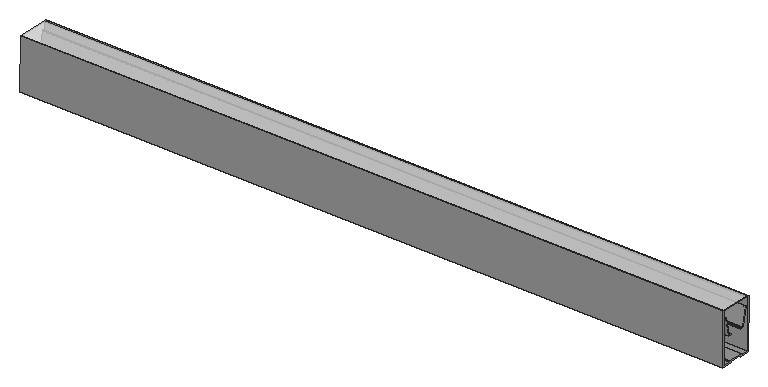
Revit family "2093115 Sylvania Lighting Fixture MC2 1-2M 4K DALI WHT OPAL Surface", category Lighting Fixtures, host Face, Revit 2016
Family settings
  Host = Face
  Part Type = Normal
  Round Connector Dimension = Use Diameter
  OmniClass Number = 23.80.70.11.17
  OmniClass Title = Specialized Lighting by Location or Use
  Cut with Voids When Loaded = No
  Light Source = Yes
  Shared = No
  Room Calculation Point = No
Parameters (values of type "2093115 MC2 1.2M 4K DALI WHT OPAL Surface")
  Width_SYL = 54.0 mm
  Weight = "2.5 kg"
  Wattage = 20.97 W
  WarrantyStartDate [instance] = "n/a"
  WarrantyGuarantorParts = "n/a"
  WarrantyDurationUnit = "n/a"
  WarrantyDurationParts = "n/a"
  WarrantyDescription = "n/a"
  built-in parameter 1150110 = 1 (stored number, unit not read)
  Voltage = 0 V
  URL = "http://www.sylvania-lighting.com"
  TypeName = "MC2 1.2M 4K DALI WHT OPAL Surface"
  built-in parameter 1114217 = 1 (stored number, unit not read)
  Tilt Angle = -90.00°
  built-in parameter 1150109 = 1 (stored number, unit not read)
  built-in parameter 1150134 = 12
  built-in parameter 1150113 = 1 (stored number, unit not read)
  SerialNumber [instance] = "n/a"
  PowerFactor = 0.98
  PowerConsumption = "20.97 W"
  NominalWidth = 0.0 mm
  NominalLength = 1200.0 mm
  NominalHeight = 86.0 mm
  Name = "MC2 1.2M 4K DALI WHT OPAL Surface"
  ModelReference = "MC2 1.2M 4K DALI WHT OPAL Surface"
  ModelNumber = "2093115"
  Material_3_SYL = Metal_Sylvania_Mini Contiuum II_Silver
  Photometric Web File = "2093115.ies"
  Material_4_SYL = Metal_Sylvania_Mini Contiuum II_Silver
  Material = "aluminium housing, polycarbonate diffuser"
  ManufacturerName = "Feilo Sylvania"
  LuminousEfficacy = "112 lm/W"
  LuminaireType = ""
  LightOutputRatio = "100"
  Length_SYL = 1200.0 mm
  LampsType = Lamp  # "LED"
  LampNominalLuminous = "2340 lm"
  LampMacAdamStep = "3"
  LampColourTemperature = "4000 K"
  LampColourRenderingIndex = "80"
  Keynote = "16500"
  InstallationDate [instance] = "n/a"
  InputVoltage = "n/a"
  InputNominalFrequency = "n/a"
  IngressProtection = "IP20"
  ImpactProtectionIndex = "n/a"
  IfcExportType = "IfcLightFixtureType"
  IfcExportAs = "IfcLightFixtureType"
  Height_SYL = 86.0 mm
  ExpectedLife = 50000
  EndCapRight_SYL [instance] = no
  EndCapLeft_SYL [instance] = no
  Emit from Rectangle Width = Width_SYL - 2.0 mm  # 52.0 mm
  Emit from Rectangle Length = Length_SYL  # 1200.0 mm
  Emit Shape Visible in Rendering = no
  ElectricShockClassification = "Class I"
  DurationUnit = "hours"
  DocumentationLiterature = "http://www.sylvania-lighting.com/product/en-int/products/2093115"
  DimmingControlOptions = "n/a"
  CreatedOn = "10/15/2018"
  CreatedBy = "@sylvania-lighting.com"
  built-in parameter 1114216 [instance] = 1 (stored number, unit not read)
  Model = "MC2 1.2M 4K DALI WHT OPAL Surface"
  Manufacturer = "Feilo Sylvania"
  built-in parameter 1150105 = 186.9 (stored number, unit not read)
  Lumens = 2348.64 lm
  built-in parameter 1150115 = 1 (stored number, unit not read)
  built-in parameter 1150137 = (empty or 0)
  built-in parameter 1150139 = (empty or 0)
  built-in parameter 1150112 = 1 (stored number, unit not read)
  built-in parameter 1150114 = 1 (stored number, unit not read)
  Lamp = "LED"
  built-in parameter 1150132 = 2
  built-in parameter 1150102 = (empty or 0)
  built-in parameter 1150107 = 4000 (stored number, unit not read)
  built-in parameter 1150138 = (empty or 0)
  built-in parameter 1150106 = 1.869 (stored number, unit not read)
  Material_1_SYL = Metal_Sylvania_Mini Continuum II_White
  built-in parameter 1150104 = 10.405 (stored number, unit not read)
  Dimming Lamp Color Temperature Shift = <None>
  Material_2_SYL = Polycarbonate_Sylvania_Mini Continuum II_Opal_4000K
  Description = "2093115   MC2 1.2M 4K DALI WHT OPAL  Continuous lines of LED light, white RAL 9016, direct distribution, trimless detail for a seamless finish, suitable for recessed, semi-recessed, surface-mounted or suspended installation either horizontally or vertically, various accessories available, compact and minimalist design based on the Golden Mean, ideal for offices, meeting rooms, corridors, education facilities, museums and libraries, extruded aluminium body, diffuser: opal, colour temperature: 4000K neutral white, total system power: 21W, total fixture output: 2207lm, luminaire efficacy: 105lm/W, LOR: 100%, colour rendering: Ra >80, LED Chromacity: 1 step MacAdam ellipse, lifetime: 60,000 hours at 90% of the original output (L90), energy class: A++, A+, A, IR/UV free light source without heat radiation, operating voltage: 220-240V / 50-60Hz, drive current: 800mA, electronic driver, DALI dimmable, electrical protection: CLASS I, IP20, suitable for internal internal environment only."
  Default Elevation = 0.0 mm
  Color Filter = 16777215
  built-in parameter 1140040 [instance] = 1
  BarCode [instance] = "n/a"
  built-in parameter 1114218 = 1 (stored number, unit not read)
  built-in parameter 1150133 = 10 (stored number, unit not read)
  AssetType = "Fixed"
  AssetIdentifier [instance] = "n/a"
  Assembly Code = "D5020200"
  Apparent Load = 20.97 VA
Reference planes
  plane 1 "Center (Front/Back)": y = 0
  plane 2 "Bottom Fixtures": z = 0
  plane 3 "Center (Left/Right)": x = 0
  plane 4 "Fixture Left": x = -600
  plane 5 "Fixture Right": x = 600
  plane 6 "Fixture Bottom": z = 86
  plane 7: z = 84
  plane 8: z = 82
  plane 9: z = 72.951
  plane 10: z = 42.951
  plane 11 "Fixture Top": z = 0
  plane 12 "Mounting Right": x = 572
  plane 13 "Mounting Left": x = -572
  plane 14: y = 27
  plane 15: y = -27
  plane 16: y = -26
  plane 17: y = -25
  plane 18: y = 26
  plane 19: y = 25
  plane 20: y = 11
  plane 21: y = -11
  plane 22: y = 24
  plane 23: y = 22
  plane 24: y = -22
  plane 25: y = 15
  plane 26: y = -15
  plane 27 "Upper Diffuser Left": x = -450
  plane 28 "Upper Diffuser Right": x = 450
  plane 29: x = -602
  plane 30: x = 602
Forms (mm)
  Extrusion 1, solid, material "Metal_Sylvania_Mini Continuum II_White" <- "Material_1_SYL", detail levels fine
    sketch origin (0, 0, 520) x (0, 1, 0) y (0, 0, 1)
      loop
        line (27, -434) -> (26, -434) -> (26, -436) -> (25, -436) -> (25, -518) -> (13, -518) -> (13, -516) -> (-13, -516) -> (-13, -518) -> (-25, -518) -> (-25, -436) -> (-26, -436) -> (-26, -434) -> (-27, -434) -> (-27, -520) -> (-11, -520) -> (-11, -518) -> (11, -518) -> (11, -520) -> (27, -520) -> (27, -434)
    from -600 to 600
  Extrusion 2, solid, material "Polycarbonate_Sylvania_Mini Continuum II_Opal_4000K" <- "Material_2_SYL", detail levels fine
    sketch origin (0, 0, 520) x (0, 1, 0) y (0, 0, 1)
      loop
        line (-26, -434) -> (-26, -436) -> (26, -436) -> (26, -434) -> (-26, -434)
    from -600 to 600
  Extrusion 3, solid, material "Metal_Sylvania_Mini Contiuum II_Silver" <- "Material_3_SYL", detail levels fine
    sketch origin (0, 0, 520) x (0, 1, 0) y (0, 0, 1)
      loop
        line (22, -447.049) -> (20.973, -447.049) -> (14.206, -476.049) -> (11, -476.049) -> (11, -477.049) -> (15, -477.049) -> (22, -447.049)
      loop
        line (-15, -477.049) -> (-11, -477.049) -> (-11, -476.049) -> (-14.206, -476.049) -> (-20.973, -447.049) -> (-22, -447.049) -> (-15, -477.049)
    from -600 to 600
  Extrusion 4, solid, material "Metal_Sylvania_Mini Continuum II_White" <- "Material_1_SYL", detail levels coarse+medium
    sketch origin (0, 0, 520) x (0, 1, 0) y (0, 0, 1)
      loop
        line (-27, -434) -> (-27, -520) -> (27, -520) -> (27, -434) -> (-27, -434)
    from -600 to 600
  Extrusion 5, solid, material "Metal_Sylvania_Mini Continuum II_White" <- "Material_1_SYL", visible <- "EndCapLeft_SYL"
    sketch origin (-600, 171.684, 1219.2) x (0, 1, 0) y (0, 0, 1)
      loop
        line (-198.684, -1219.2) -> (-144.684, -1219.2) -> (-144.684, -1133.2) -> (-198.684, -1133.2) -> (-198.684, -1219.2)
    from 0 to -2
  Extrusion 6, solid, material "Metal_Sylvania_Mini Continuum II_White" <- "Material_1_SYL", visible <- "EndCapRight_SYL"
    sketch origin (600, 171.684, 1219.2) x (0, 1, 0) y (0, 0, -1)
      loop
        line (-144.684, 1133.2) -> (-144.684, 1219.2) -> (-198.684, 1219.2) -> (-198.684, 1133.2) -> (-144.684, 1133.2)
    from 0 to -2
Lines and regions (mm)
  Masking region 1
    outline origin (0, 0, -86) x (-1, 0, 0) y (0, -1, 0)
      loop
        line (600, -27) -> (600, 27) -> (-600, 27) -> (-600, -27) -> (600, -27)
  symbolic lines, detail levels fine
    curve 1: line (-600, 26, -86) -> (600, 26, -86)
    curve 2: line (-600, -26, -86) -> (600, -26, -86)
Dimensions and locks
  host sketch curve to plane 3 "Center (Left/Right)" to host sketch curve = 820.0 mm, 775.047 mm
  equal spacing: plane 4 "Fixture Left", plane 3 "Center (Left/Right)", plane 5 "Fixture Right"
  "Length_SYL": plane 4 "Fixture Left" to plane 5 "Fixture Right"
  plane 6 "Fixture Bottom" to plane 7 to plane 8 to plane 9 to plane 10 = 2.0 mm locked, 2.0 mm locked, 9.049 mm locked, 30.0 mm locked
  locked: Extrusion 1 sketch curve to Extrusion 1 sketch curve at 2
  locked: Extrusion 1 sketch curve to plane 11 "Fixture Top" at 2
  "Height_SYL": plane 6 "Fixture Bottom" to plane 11 "Fixture Top"
  locked: plane 12 "Mounting Right" to plane 5 "Fixture Right" at 28
  locked: plane 4 "Fixture Left" to plane 13 "Mounting Left" at 28
  plane 6 "Fixture Bottom" to plane 2 "Bottom Fixtures" = 86.0 mm
  equal spacing: plane 14, plane 1 "Center (Front/Back)", plane 15
  "Width_SYL": plane 14 to plane 15
  plane 21 to plane 26 to plane 24 to plane 17 to plane 16 to plane 15 = 4.0 mm locked, 7.0 mm locked, 3.0 mm locked, 1.0 mm locked, 1.0 mm locked
  plane 14 to plane 18 to plane 19 to plane 22 to plane 23 to plane 25 to plane 20 = 1.0 mm locked, 1.0 mm locked, 1.0 mm locked, 2.0 mm locked, 7.0 mm locked, 4.0 mm locked
  locked: plane 4 "Fixture Left" to plane 27 "Upper Diffuser Left" at 150
  locked: plane 28 "Upper Diffuser Right" to plane 5 "Fixture Right" at 150
  equal spacing: plane 29, plane 3 "Center (Left/Right)", plane 30
  locked: plane 29 to plane 4 "Fixture Left" at 2
  aligned and locked: plane 2 "Bottom Fixtures" to host face
  aligned and locked: level to host face
  aligned and locked: plane 5 "Fixture Right" to curve 1
  aligned and locked: plane 4 "Fixture Left" to curve 1
  aligned and locked: plane 4 "Fixture Left" to curve 2
  aligned and locked: plane 5 "Fixture Right" to curve 2
  aligned and locked: Extrusion 1 sketch curve to plane 7
  aligned and locked: plane 6 "Fixture Bottom" to Extrusion 1 sketch curve  (x2)
  aligned and locked: plane 7 to Extrusion 1 sketch curve
  aligned and locked: Extrusion 1 to Extrusion 2 sketch curve
  aligned and locked: Extrusion 2 sketch curve to Extrusion 1  (x3)
  aligned and locked: Extrusion 3 sketch curve to plane 10
  aligned and locked: plane 9 to Extrusion 3 sketch curve
  aligned and locked: Extrusion 3 sketch curve to plane 9
  aligned and locked: Extrusion 4 sketch curve to plane 6 "Fixture Bottom"
  aligned and locked: Extrusion 4 to plane 4 "Fixture Left"
  aligned and locked: Extrusion 2 to plane 4 "Fixture Left"
  aligned and locked: Extrusion 3 to plane 4 "Fixture Left"
  aligned and locked: Extrusion 1 to plane 4 "Fixture Left"
  aligned and locked: Extrusion 4 to plane 5 "Fixture Right"
  aligned and locked: Extrusion 2 to plane 5 "Fixture Right"
  aligned and locked: Extrusion 3 to plane 5 "Fixture Right"
  aligned and locked: Extrusion 1 to plane 5 "Fixture Right"
  aligned and locked: plane 11 "Fixture Top" to Extrusion 4 sketch curve
  aligned and locked: Extrusion 1 sketch curve to plane 11 "Fixture Top"  (x2)
  aligned and locked: Extrusion 1 sketch curve to Extrusion 1 sketch curve
  aligned and locked: plane 6 "Fixture Bottom" to imposter light
  aligned and locked: plane 20 to Extrusion 3 sketch curve
  aligned and locked: Extrusion 3 sketch curve to plane 21
  aligned and locked: Extrusion 5 sketch curve to Extrusion 4  (x4)
  aligned and locked: Extrusion 5 to plane 29
  aligned and locked: plane 4 "Fixture Left" to Extrusion 5
  aligned and locked: Extrusion 6 sketch curve to Extrusion 4  (x4)
  aligned and locked: plane 30 to Extrusion 6
  aligned and locked: plane 5 "Fixture Right" to Extrusion 6
Automatic sketch dimensions
  host sketch curve to host sketch curve = 1047.463 mm
  plane 18 to curve 1 = 0.0 mm
  curve 2 to plane 16 = 0.0 mm
  Masking region 1 sketch curve to plane 5 "Fixture Right" = 0.0 mm
  Masking region 1 sketch curve to plane 4 "Fixture Left" = 0.0 mm
  plane 14 to Masking region 1 sketch curve = 0.0 mm
  Masking region 1 sketch curve to plane 15 = 0.0 mm
  Extrusion 1 sketch curve to plane 15 = 0.0 mm
  Extrusion 1 sketch curve to plane 16 = 0.0 mm
  Extrusion 1 sketch curve to plane 17 = 0.0 mm
  Extrusion 1 sketch curve to plane 21 = 0.0 mm
  Extrusion 1 sketch curve to plane 20 = 0.0 mm
  Extrusion 1 sketch curve to plane 19 = 0.0 mm
  Extrusion 1 sketch curve to plane 18 = 0.0 mm
  Extrusion 1 sketch curve to plane 14 = 0.0 mm
  plane 11 "Fixture Top" to Extrusion 1 sketch curve = 2.0 mm
  Extrusion 1 sketch curve to plane 21 = 2.0 mm
  Extrusion 1 sketch curve to plane 20 = 2.0 mm
  Extrusion 3 sketch curve to plane 24 = 0.0 mm
  Extrusion 3 sketch curve to plane 26 = 0.0 mm
  Extrusion 3 sketch curve to plane 25 = 0.0 mm
  Extrusion 3 sketch curve to plane 23 = 0.0 mm
  plane 10 to Extrusion 3 sketch curve = 1.0 mm
  Extrusion 3 sketch curve to Extrusion 3 sketch curve = 1.027 mm
  plane 26 to Extrusion 3 sketch curve = 0.794 mm
  plane 25 to Extrusion 3 sketch curve = 0.794 mm
  plane 23 to Extrusion 3 sketch curve = 1.027 mm
  Extrusion 4 sketch curve to plane 15 = 0.0 mm
  Extrusion 4 sketch curve to plane 14 = 0.0 mm
  Extrusion 3 sketch curve to Extrusion 3 sketch curve = 0.0 mm
  Extrusion 3 sketch curve to plane 10 = 0.0 mm
Connectors
  electrical at (600, 0, 35), driven by "Apparent Load"
    settings: on Extrusion 1, index 1, voltage 230 V, apparent load 0 VA, apparent load phase1 20.97 VA, apparent load phase2 0 VA, apparent load phase3 0 VA, power factor 1, load classification "Lighting", number of poles 1, system type 31, power factor state 1, is connector primary yes, connector utility no, sub classification motor no, connector description ""
